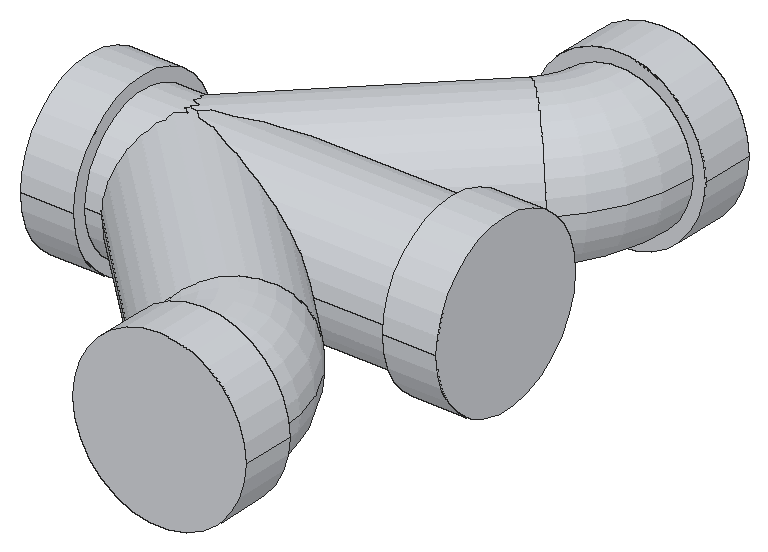
Revit family "M_Combinação em Y com a oitava dobra dupla - PVC - Sch 40 - DWV", category Conexões de tubo, Revit 2019
Family settings
  Cota do conector redondo = Usar raio
  Tipo de parte = Cruzeta
  Número OmniClass = 23.60.30.11.14
  Título OmniClass = Pipework Fittings
  ID de item do Seek = Wye Combination with 8th Bend Double - PVC - Sch 40 - DWV-0000-CAN-ENU
  Com base no plano de trabalho = Não
  Sempre na vertical = Sim
  Corte com vazios quando carregada = Não
  Compartilhado = Não
Parameters (values of type "Padrão")
  Espessura da parede 2 [instance] = size_lookup(Nome da tabela de pesquisa, "WThk", 0.02 * Diâmetro nominal 2 + 3.274 mm, Diâmetro nominal 2)  # 3.962 mm
  Espessura da parede 1 [instance] = size_lookup(Nome da tabela de pesquisa, "WThk", 0.02 * Diâmetro nominal 1 + 3.274 mm, Diâmetro nominal 1)  # 3.962 mm
  Tamanho da marca de cota 2 [instance] = Diâmetro externo da conexão 2 * 0.4  # 19.304 mm
  Tamanho da marca de cota 1 [instance] = Diâmetro externo da conexão 1 * 0.4  # 19.304 mm
  Raio externo do soquete 2 [instance] = Diâmetro externo do soquete 2 / 2  # 28.283 mm
  Raio externo do soquete 1 [instance] = Diâmetro externo do soquete 1 / 2  # 28.283 mm
  Diâmetro externo do soquete 2 [instance] = Diâmetro da entrada do soquete 2 + Espessura da parede 2 * 2  # 56.566 mm
  Diâmetro externo do soquete 1 [instance] = Diâmetro da entrada do soquete 1 + Espessura da parede 1 * 2  # 56.566 mm
  Diâmetro da entrada do soquete 2 [instance] = size_lookup(Nome da tabela de pesquisa, "SED", 1.04 * Diâmetro nominal 2 + 9.426 mm, Diâmetro nominal 2)  # 48.641 mm
  Diâmetro da entrada do soquete 1 [instance] = size_lookup(Nome da tabela de pesquisa, "SED", 1.04 * Diâmetro nominal 1 + 9.426 mm, Diâmetro nominal 1)  # 48.641 mm
  Profundidade do soquete 2 [instance] = size_lookup(Nome da tabela de pesquisa, "SDpt", 0.5 * Diâmetro nominal 2, Diâmetro nominal 2)  # 17.45 mm
  Profundidade do soquete 1 [instance] = size_lookup(Nome da tabela de pesquisa, "SDpt", 0.5 * Diâmetro nominal 1, Diâmetro nominal 1)  # 17.45 mm
  Execução do inferior do soquete até o inferior do soquete [instance] = size_lookup(Nome da tabela de pesquisa, "SBtSBR", 28.178 mm + 0.25 * Diâmetro nominal 1 + 1.7 * Diâmetro nominal 2, Diâmetro nominal 1, Diâmetro nominal 2)  # 100.406 mm
  Raio nominal 2 [instance] = 20 mm
  Raio nominal 1 [instance] = 20 mm
  Diâmetro nominal 2 [instance] = Raio nominal 2 * 2  # 40 mm
  Diâmetro nominal 1 [instance] = Raio nominal 1 * 2  # 40 mm
  Método de perda = Não definido
  Nome da tabela de pesquisa = "M_Wye Combination with 8th Bend Double - PVC - Sch 40 - DWV"
  Comprimento 1 [instance] = 4572 mm  # constant formula
  Ponto de inserção 2 X [instance] = Centro para ramificação inferior do soquete * tan(90.00° - Ângulo 2) + Comprimento 1  # 4572 mm
  Ponto de inserção 1 X [instance] = Centro para ramificação inferior do soquete * tan(90.00° - Ângulo 1) + Comprimento 1  # 4572 mm
  Raio externo da conexão 2 [instance] = Diâmetro externo da conexão 2 / 2  # 24.13 mm
  Raio externo da conexão 1 [instance] = Diâmetro externo da conexão 1 / 2  # 24.13 mm
  Diâmetro externo da conexão 2 [instance] = size_lookup(Nome da tabela de pesquisa, "FOD", 1.04 * Diâmetro nominal 2 + 9.128 mm, Diâmetro nominal 2)  # 48.26 mm
  Diâmetro externo da conexão 1 [instance] = size_lookup(Nome da tabela de pesquisa, "FOD", 1.04 * Diâmetro nominal 1 + 9.128 mm, Diâmetro nominal 1)  # 48.26 mm
  Execução do centro até o soquete inferior [instance] = size_lookup(Nome da tabela de pesquisa, "CtSBR", -3.572 mm + 0.99 * Diâmetro nominal 1 + 1.26 * Diâmetro nominal 2, Diâmetro nominal 1, Diâmetro nominal 2)  # 86.919 mm
  Centro para ramificação inferior do soquete [instance] = size_lookup(Nome da tabela de pesquisa, "CtSBB", 10.12 mm + 1.51 * Diâmetro nominal 1 + 0.51 * Diâmetro nominal 2, Diâmetro nominal 1, Diâmetro nominal 2)  # 84.531 mm
  Raio do centro [instance] = Raio externo do soquete 2 + 3.175 mm  # 31.458 mm
  Ponto central 2 Y [instance] = if(Ângulo 2 < 90.00°, Comprimento 1 - Raio do centro * sin(abs(90.00° - Ângulo 2)), if(Ângulo 2 = 90.00°, Comprimento 1, Comprimento 1 + Raio do centro * sin(abs(90.00° - Ângulo 2))))  # 4572 mm
  Ponto central 2 X [instance] = Raio do centro * cos(abs(90.00° - Ângulo 2))  # 31.458 mm
  Ponto central 1 Y [instance] = if(Ângulo 1 < 90.00°, Comprimento 1 - Raio do centro * sin(abs(90.00° - Ângulo 1)), if(Ângulo 1 = 90.00°, Comprimento 1, Comprimento 1 + Raio do centro * sin(abs(90.00° - Ângulo 1))))  # 4572 mm
  Ponto central 1 X [instance] = Raio do centro * cos(abs(90.00° - Ângulo 1))  # 31.458 mm
  Ponto final do soquete ramificado 2 Y [instance] = Profundidade do soquete 2 * sin(Ângulo 2)  # 17.45 mm
  Ponto final do soquete ramificado 2 X [instance] = Comprimento 1 - Profundidade do soquete 2 * cos(Ângulo 2)  # 4572 mm
  Legenda do comprimento da ramificação 2 [instance] = if(Comprimento da ramificação 2 > 0 mm, Comprimento da ramificação 2, Raio externo do soquete 1 * 0.5)  # 88.087 mm
  Comprimento da ramificação 2 [instance] = (Centro para ramificação inferior do soquete - Ponto final do arco 2 Y) / sin(45.00°)  # 88.087 mm
  Legenda do comprimento da ramificação 1 [instance] = if(Comprimento da ramificação 1 > 0 mm, Comprimento da ramificação 1, Raio externo do soquete 1 * 0.5)  # 88.087 mm
  Ponto final do soquete ramificado 1 Y [instance] = Profundidade do soquete 2 * sin(Ângulo 1)  # 17.45 mm
  Ponto final do soquete ramificado 1 X [instance] = Comprimento 1 - Profundidade do soquete 2 * cos(Ângulo 1)  # 4572 mm
  Comprimento da ramificação 1 [instance] = (Centro para ramificação inferior do soquete - Ponto final do arco 1 Y) / sin(45.00°)  # 88.087 mm
  Ponto final do arco 2 Y [instance] = Raio do centro * sin(45.00°) - Raio do centro * sin(90.00° - Ângulo 2)  # 22.244 mm
  Ponto final do arco 2 X [instance] = Raio do centro * cos(90.00° - Ângulo 2) - Raio do centro * cos(45.00°)  # 9.214 mm
  Ponto final do arco 1 Y [instance] = Raio do centro * sin(45.00°) - Raio do centro * sin(90.00° - Ângulo 1)  # 22.244 mm
  Ponto final do arco 1 X [instance] = Raio do centro * cos(90.00° - Ângulo 1) - Raio do centro * cos(45.00°)  # 9.214 mm
  Ângulo 2 1 [instance] = if(Ângulo 2 < 90.00°, 90.00° / 2 - (90.00° - Ângulo 2), 90.00° / 2 + (Ângulo 2 - 90.00°))  # 45.00°
  Ângulo 1 1 [instance] = if(Ângulo 1 < 90.00°, 90.00° / 2 - (90.00° - Ângulo 1), 90.00° / 2 + (Ângulo 1 - 90.00°))  # 45.00°
  Ângulo 2 [instance] = 90.00°
  Ângulo 1 [instance] = 90.00°
Reference planes
  plane 1 "Centro (Frente/Trás)": y = 0
  plane 2: z = 0
  plane 3 "Centro (Esquerda/Direita)": x = 0
  plane 4: y = -84.531
  plane 5: x = -86.919
  plane 6: x = 13.487
  plane 7: x = -104.369
  plane 8: x = 30.937
  plane 9: x = 0
  plane 10: y = -4656.531
  plane 11: x = -31.458
  plane 12: y = -84.531
  plane 13: y = -62.287
  plane 14: x = -9.214
  plane 15: x = 0
  plane 16: x = 4572
  plane 17: y = -101.981
  plane 18: x = 0
  plane 19: y = 19.304
  plane 20: y = -19.304
  plane 21: y = 84.531
  plane 22: y = 84.531
  plane 23: y = 4656.531
  plane 24: x = -31.458
  plane 25: y = 62.287
  plane 26: x = -9.214
  plane 27: y = 101.981
  plane 28: x = 0
  plane 29: x = 0
  plane 30: x = 0
Forms (mm)
  Sweep 1, solid, detail levels fine
    path in 3D
      loop
        line (-86.919, 0, 0) -> (13.487, 0, 0)
    profile origin (-36.716, 0, 0) x (0, 1, 0) y (0, 0, 1)
      loop
        circle (0, 0) r 24.13
  Sweep 2, solid, detail levels fine
    path in 3D
      loop
        arc (0, -84.531, 0) -> (-2.395, -72.493, 0) -> (-9.214, -62.287, 0) r 31.458
        line (-9.214, -62.287, 0) -> (-71.501, 0, 0)
    profile origin (-40.357, -31.144, 0) x (-0.707107, -0.707107, 0) y (0, 0, 1)
      loop
        circle (0, 0) r 24.13
  Sweep 3, solid, detail levels fine
    path in 3D
      loop
        line (-104.369, 0, 0) -> (-86.919, 0, 0)
    profile origin (-95.644, 0, 0) x (0, 1, 0) y (0, 0, 1)
      loop
        circle (0, 0) r 28.283
  Sweep 4, solid, detail levels fine
    path in 3D
      loop
        line (13.487, 0, 0) -> (30.937, 0, 0)
    profile origin (22.212, 0, 0) x (0, 1, 0) y (0, 0, 1)
      loop
        circle (0, 0) r 28.283
  Sweep 5, solid, detail levels fine
    path in 3D
      loop
        line (0, -84.531, 0) -> (0, -101.981, 0)
    profile origin (0, -93.256, 0) x (1, 0, 0) y (0, 0, 1)
      loop
        circle (0, 0) r 28.283
  Sweep 6, solid, detail levels fine
    path in 3D
      loop
        arc (0, 84.531, 0) -> (-2.395, 72.493, 0) -> (-9.214, 62.287, 0) r 31.458
        line (-9.214, 62.287, 0) -> (-71.501, 0, 0)
    profile origin (-40.357, 31.144, 0) x (0.707107, -0.707107, 0) y (0, 0, 1)
      loop
        circle (0, 0) r 24.13
  Sweep 7, solid, detail levels fine
    path in 3D
      loop
        line (0, 84.531, 0) -> (0, 101.981, 0)
    profile origin (0, 93.256, 0) x (-1, 0, 0) y (0, 0, 1)
      loop
        circle (0, 0) r 28.283
Cuts and joins
  joined: Sweep 1, Sweep 3, Sweep 4, Sweep 5, Sweep 7
Lines and regions (mm)
  model lines, detail levels coarse+medium
    curve 1: line (-86.919, 0, 0) -> (13.487, 0, 0)
    curve 2: line (-104.369, 0, 0) -> (-86.919, 0, 0)
    curve 3: line (13.487, 0, 0) -> (30.937, 0, 0)
    curve 4: arc (0, -84.531, 0) -> (-2.395, -72.493, 0) -> (-9.214, -62.287, 0) r 31.458
    curve 5: line (-9.214, -62.287, 0) -> (-71.501, 0, 0)
    curve 6: line (0, -84.531, 0) -> (0, -101.981, 0)
    curve 16: line (-104.369, 19.304, 0) -> (-104.369, -19.304, 0)
    curve 17: line (30.937, 19.304, 0) -> (30.937, -19.304, 0)
    curve 18: line (0, -101.981, 0) -> (19.304, -101.981, 0)
    curve 19: line (0, -101.981, 0) -> (-19.304, -101.981, 0)
    curve 20: arc (0, 84.531, 0) -> (-2.395, 72.493, 0) -> (-9.214, 62.287, 0) r 31.458
    curve 21: line (-9.214, 62.287, 0) -> (-71.501, 0, 0)
    curve 22: line (0, 84.531, 0) -> (0, 101.981, 0)
    curve 27: line (0, 101.981, 0) -> (19.304, 101.981, 0)
    curve 28: line (0, 101.981, 0) -> (-19.304, 101.981, 0)
  sketch lines
    curve 7: line (-86.919, 0, 0) -> (13.487, 0, 0)
    curve 8: line (-9.214, -62.287, 0) -> (-71.501, 0, 0)
    curve 9: arc (0, -84.531, 0) -> (-2.395, -72.493, 0) -> (-9.214, -62.287, 0) r 31.458
    curve 10: line (-104.369, 0, 0) -> (-86.919, 0, 0)
    curve 11: line (13.487, 0, 0) -> (30.937, 0, 0)
    curve 12: line (0, -84.531, 0) -> (0, -101.981, 0)
    curve 23: line (-9.214, 62.287, 0) -> (-71.501, 0, 0)
    curve 24: arc (0, 84.531, 0) -> (-2.395, 72.493, 0) -> (-9.214, 62.287, 0) r 31.458
    curve 25: line (0, 84.531, 0) -> (0, 101.981, 0)
  reference lines
    curve 13: line (-104.369, 0, 0) -> (-86.919, 0, 0)
    curve 14: line (13.487, 0, 0) -> (30.937, 0, 0)
    curve 15: line (0, -101.981, 0) -> (0, -84.531, 0)
    curve 26: line (0, 101.981, 0) -> (0, 84.531, 0)
Dimensions and locks
  "Centro para ramificação inferior do soquete": plane 1 "Centro (Frente/Trás)" to plane 4
  "Execução do inferior do soquete até o inferior do soquete": plane 5 to plane 6
  "Profundidade do soquete 1": plane 7 to plane 5
  "Profundidade do soquete 1": plane 6 to plane 8
  "Execução do centro até o soquete inferior": plane 5 to plane 9
  "Comprimento 1": plane 4 to plane 10
  "Ponto central 1 X": plane 11 to plane 9
  "Ponto central 1 Y": plane 12 to plane 10
  "Ponto final do arco 1 X": plane 14 to plane 9
  "Ponto final do arco 1 Y": plane 13 to plane 4
  "Legenda do comprimento da ramificação 1": curve 5 to curve 5
  "Profundidade do soquete 2": curve 6 to curve 6
  "Comprimento 1": plane 9 to plane 16
  "Ponto de inserção 1 X": plane 15 to plane 16
  "Ponto final do soquete ramificado 1 Y": plane 4 to plane 17
  "Ponto final do soquete ramificado 1 X": plane 18 to plane 16
  "Tamanho da marca de cota 1": plane 1 "Centro (Frente/Trás)" to plane 19
  "Tamanho da marca de cota 1": plane 1 "Centro (Frente/Trás)" to plane 20
  "Tamanho da marca de cota 2": curve 18 to curve 18
  "Tamanho da marca de cota 2": curve 19 to curve 19
  "Centro para ramificação inferior do soquete": plane 1 "Centro (Frente/Trás)" to plane 21
  "Comprimento 1": plane 21 to plane 23
  "Ponto central 2 Y": plane 22 to plane 23
  "Ponto central 2 X": plane 24 to plane 9
  "Ponto final do arco 2 Y": plane 25 to plane 21
  "Ponto final do arco 2 X": plane 26 to plane 9
  "Legenda do comprimento da ramificação 2": curve 21 to curve 21
  "Profundidade do soquete 2": curve 22 to curve 22
  "Ponto final do soquete ramificado 2 Y": plane 21 to plane 27
  "Ponto final do soquete ramificado 2 X": plane 28 to plane 16
  "Ponto de inserção 2 X": plane 29 to plane 16
  equal spacing: plane 15, plane 30, plane 29
  "Tamanho da marca de cota 2": curve 28 to curve 28
  "Tamanho da marca de cota 2": curve 27 to curve 27
  locked: plane 30 to plane 3 "Centro (Esquerda/Direita)" at 0
  "Raio do centro": radius of curve 4
  "Raio externo da conexão 1": radius of Sweep 1 sketch curve
  "Raio externo da conexão 2": radius of Sweep 2 sketch curve
  "Raio externo do soquete 1": radius of Sweep 3 sketch curve
  "Raio externo do soquete 1": radius of Sweep 4 sketch curve
  "Raio externo do soquete 2": radius of Sweep 5 sketch curve
  "Raio do centro": radius of curve 20
  "Raio externo da conexão 2": radius of Sweep 6 sketch curve
  "Raio externo do soquete 2": radius of Sweep 7 sketch curve
  "Ângulo 1 1": angle curve 4 to curve 4
  locked: curve 5 to plane 1 "Centro (Frente/Trás)" (angle 45.00°)
  "Ângulo 1": angle curve 6 to plane 4
  "Ângulo 1": angle curve 15 to plane 1 "Centro (Frente/Trás)"
  locked: curve 18 to curve 15 (angle 90.00°)
  locked: curve 15 to curve 19 (angle 90.00°)
  "Ângulo 2 1": angle curve 20 to curve 20
  locked: plane 1 "Centro (Frente/Trás)" to curve 21 (angle 45.00°)
  "Ângulo 2": angle plane 1 "Centro (Frente/Trás)" to curve 22
  "Ângulo 2": angle plane 1 "Centro (Frente/Trás)" to curve 26
  locked: curve 28 to curve 26 (angle 90.00°)
  locked: curve 26 to curve 27 (angle 90.00°)
  aligned and locked: plane 7 to curve 2
  aligned and locked: plane 1 "Centro (Frente/Trás)" to curve 2
  aligned and locked: plane 5 to curve 1
  aligned and locked: plane 6 to curve 1
  aligned and locked: plane 1 "Centro (Frente/Trás)" to curve 1
  aligned and locked: plane 8 to curve 3
  aligned and locked: plane 1 "Centro (Frente/Trás)" to curve 3
  aligned and locked: plane 11 to curve 4
  aligned and locked: plane 8 to curve 14
  aligned and locked: plane 1 "Centro (Frente/Trás)" to curve 14
  aligned and locked: plane 7 to curve 13
  aligned and locked: plane 1 "Centro (Frente/Trás)" to curve 13
  aligned and locked: Sweep 5 to curve 15
  aligned and locked: plane 18 to curve 15
  aligned and locked: plane 19 to curve 16
  aligned and locked: plane 20 to curve 16
  aligned and locked: plane 19 to curve 17
  aligned and locked: plane 20 to curve 17
  aligned and locked: curve 16 to plane 7
  aligned and locked: curve 17 to plane 8
  aligned and locked: plane 22 to curve 20
  aligned and locked: plane 9 to curve 22
  aligned and locked: plane 27 to curve 26
  aligned and locked: plane 28 to curve 26
  aligned and locked: plane 12 to curve 4
Automatic sketch dimensions
  curve 13 to plane 5 = 0 mm
  curve 14 to plane 6 = 0 mm
  curve 15 to plane 17 = 0 mm
  Sweep 1 sketch curve to profile plane = 0 mm  (x2)
  Sweep 2 sketch curve to profile plane = 0 mm
  profile plane to Sweep 2 sketch curve = 0 mm
  Sweep 3 sketch curve to profile plane = 0 mm  (x2)
  Sweep 4 sketch curve to profile plane = 0 mm  (x2)
  profile plane to Sweep 5 sketch curve = 0 mm
  Sweep 5 sketch curve to profile plane = 0 mm
  Sweep 6 sketch curve to profile plane = 0 mm  (x2)
  Sweep 7 sketch curve to profile plane = 0 mm  (x2)
Connectors
  piping at (-104.369, 0, 0), diameter 40, driven by "Raio nominal 1"
    settings: on cut or joined group of Sweep 1, Sweep 3, Sweep 4, Sweep 5, Sweep 7, index 1, connector inside diameter 40 mm, connector length 0 mm, flow factor 0, pipe flow 0.0 L/s, pressure drop 0.0 Pa, fitting loss kfactor 0, connector angle 0.00°, fixture units 0, engagement length 0 mm, angle of deflection 0.00°, flow configuration 0, flow direction 0, fitting loss method 0, system type 28, joint type 0, gender type 0, connector reference index 2, connector utility 0, adjustable connector no, is connector primary yes, connector description ""
  piping at (30.937, 0, 0), diameter 40, driven by "Raio nominal 1"
    settings: on cut or joined group of Sweep 1, Sweep 3, Sweep 4, Sweep 5, Sweep 7, index 2, connector inside diameter 40 mm, connector length 0 mm, flow factor 0, pipe flow 0.0 L/s, pressure drop 0.0 Pa, fitting loss kfactor 0, connector angle 0.00°, fixture units 0, engagement length 0 mm, angle of deflection 0.00°, flow configuration 0, flow direction 0, fitting loss method 0, system type 28, joint type 0, gender type 0, connector reference index 1, connector utility 0, adjustable connector no, is connector primary no, connector description ""
  piping at (0, -101.981, 0), diameter 40, driven by "Raio nominal 2", driven by "Ângulo 1"
    settings: on cut or joined group of Sweep 1, Sweep 3, Sweep 4, Sweep 5, Sweep 7, index 3, connector inside diameter 40 mm, connector length 0 mm, flow factor 0, pipe flow 0.0 L/s, pressure drop 0.0 Pa, fitting loss kfactor 0, connector angle 90.00°, fixture units 0, engagement length 0 mm, angle of deflection 0.00°, flow configuration 0, flow direction 0, fitting loss method 0, system type 28, joint type 0, gender type 0, connector reference index -1, connector utility 0, adjustable connector no, is connector primary no, connector description ""
  piping at (0, 101.981, 0), diameter 40, driven by "Raio nominal 2", driven by "Ângulo 2"
    settings: on cut or joined group of Sweep 1, Sweep 3, Sweep 4, Sweep 5, Sweep 7, index 4, connector inside diameter 40 mm, connector length 0 mm, flow factor 0, pipe flow 0.0 L/s, pressure drop 0.0 Pa, fitting loss kfactor 0, connector angle 90.00°, fixture units 0, engagement length 0 mm, angle of deflection 0.00°, flow configuration 0, flow direction 0, fitting loss method 0, system type 28, joint type 0, gender type 0, connector reference index -1, connector utility 0, adjustable connector no, is connector primary no, connector description ""
